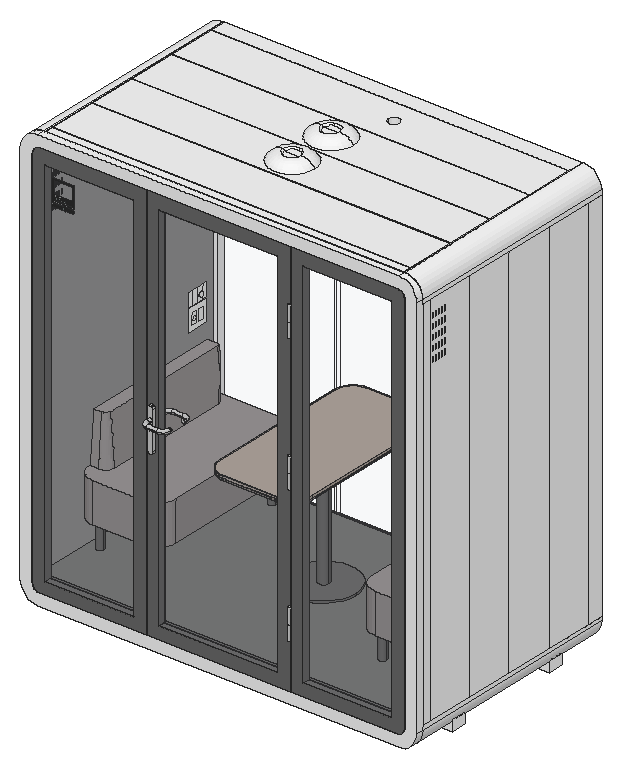
Revit family "MOTTO ML - white", category Entorno, Revit 2023 (continued)
Definition of nested family "Motto ML"
  Forms (mm)
    Extrusion 51, void
      sketch origin (0, 562.847, 0) x (-1, 0, 0) y (0, -1, 0)
        loop
          arc (-598.246, 579.134) -> (-605.746, 571.634) -> (-598.246, 564.134) r 7.5
          line (-598.246, 564.134) -> (-573.246, 564.134)
          arc (-573.246, 564.134) -> (-565.746, 571.634) -> (-573.246, 579.134) r 7.5
        loop
          line (-628.246, 499.134) -> (-653.246, 499.134)
          arc (-653.246, 499.134) -> (-660.746, 491.634) -> (-653.246, 484.134) r 7.5
          line (-653.246, 484.134) -> (-628.246, 484.134)
          arc (-628.246, 484.134) -> (-620.746, 491.634) -> (-628.246, 499.134) r 7.5
        loop
          line (-628.246, 519.134) -> (-653.246, 519.134)
          arc (-653.246, 519.134) -> (-660.746, 511.634) -> (-653.246, 504.134) r 7.5
          line (-653.246, 504.134) -> (-628.246, 504.134)
          arc (-628.246, 504.134) -> (-620.746, 511.634) -> (-628.246, 519.134) r 7.5
        loop
          line (-628.246, 539.134) -> (-653.246, 539.134)
          arc (-653.246, 539.134) -> (-660.746, 531.634) -> (-653.246, 524.134) r 7.5
          line (-653.246, 524.134) -> (-628.246, 524.134)
          arc (-628.246, 524.134) -> (-620.746, 531.634) -> (-628.246, 539.134) r 7.5
        loop
          line (-628.246, 559.134) -> (-653.246, 559.134)
          arc (-653.246, 559.134) -> (-660.746, 551.634) -> (-653.246, 544.134) r 7.5
          line (-653.246, 544.134) -> (-628.246, 544.134)
          arc (-628.246, 544.134) -> (-620.746, 551.634) -> (-628.246, 559.134) r 7.5
        loop
          line (-628.246, 579.134) -> (-653.246, 579.134)
          arc (-653.246, 579.134) -> (-660.746, 571.634) -> (-653.246, 564.134) r 7.5
          line (-653.246, 564.134) -> (-628.246, 564.134)
          arc (-628.246, 564.134) -> (-620.746, 571.634) -> (-628.246, 579.134) r 7.5
      from 2163.345 to 2319.018
    Extrusion 52, void
      sketch origin (2041.572, 292.4, -12.428) x (1, 0, 0) y (0, 0, 1)
        loop
          arc (-2403.75, 1126.252) -> (-2408.25, 1141.963) -> (-2412.75, 1126.252) r 8.5
          line (-2412.75, 1126.252) -> (-2412.75, 1113.463)
          arc (-2412.75, 1113.463) -> (-2408.25, 1108.963) -> (-2403.75, 1113.463) r 4.5
          line (-2403.75, 1113.463) -> (-2403.75, 1126.252)
        loop
          arc (-2401.308, 1134.409) -> (-2415.256, 1133.49) -> (-2401.316, 1132.462) r 7.006
          line (-2401.316, 1132.462) -> (-2408.25, 1132.462) -> (-2408.25, 1134.409) -> (-2401.308, 1134.409)
      from 801.439 to 811.141
    Extrusion 53, solid, visible <- "Cloud White (calc)"
      sketch origin (1389, -36.7, 43.15) x (1, 0, 0) y (0, 1, 0)
        loop
          line (-394, -374.155) -> (-2384, -374.155) -> (-2384, -423.9) -> (-394, -423.9) -> (-394, -374.155)
      from 2235 to 2300
    Extrusion 54, solid, visible <- "Cloud White (calc)"
      sketch origin (1389, 23.673, 43.15) x (1, 0, 0) y (0, 1, 0)
        loop
          line (-394, 116.455) -> (-2384, 116.455) -> (-2384, -159.1) -> (-394, -159.1) -> (-394, 116.455)
      from 2235 to 2300
    Extrusion 55, solid, visible <- "Cloud White (calc)"
      sketch origin (1389, 299.227, 43.15) x (1, 0, 0) y (0, 1, 0)
        loop
          line (-394, 116.455) -> (-2384, 116.455) -> (-2384, -159.1) -> (-394, -159.1) -> (-394, 116.455)
      from 2235 to 2300
    Extrusion 56, solid, visible <- "Cloud White (calc)"
      sketch origin (1389, 574.782, 43.15) x (1, 0, 0) y (0, 1, 0)
        loop
          line (-394, 116.455) -> (-2384, 116.455) -> (-2384, -159.1) -> (-394, -159.1) -> (-394, 116.455)
      from 2235 to 2300
    Extrusion 57, solid, visible <- "Cloud White (calc)"
      sketch origin (-1534, -720.471, 0) x (-1, 0, 0) y (0, -1, 0)
        loop
          line (-501, -860.217) -> (-434, -860.217) -> (-434, -585.044) -> (-501, -585.044) -> (-501, -860.217)
      from 122.408 to 2220.742
    Extrusion 58, solid, visible <- "Cloud White (calc)"
      sketch origin (-1534, -445.299, 0) x (-1, 0, 0) y (0, -1, 0)
        loop
          line (-501, -860.217) -> (-434, -860.217) -> (-434, -585.044) -> (-501, -585.044) -> (-501, -860.217)
      from 122.408 to 2220.742
    Extrusion 59, solid, visible <- "Cloud White (calc)"
      sketch origin (-1534, -170.126, 0) x (-1, 0, 0) y (0, -1, 0)
        loop
          line (-501, -861.363) -> (-434, -861.363) -> (-434, -585.044) -> (-501, -585.044) -> (-501, -861.363)
      from 122.408 to 2220.742
    Extrusion 60, solid, visible <- "Cloud White (calc)"
      sketch origin (1534, -720.471, 0) x (1, 0, 0) y (0, 1, 0)
        loop
          line (-501, 860.217) -> (-501, 585.044) -> (-434, 585.044) -> (-434, 860.217) -> (-501, 860.217)
      from 122.408 to 2220.742
    Extrusion 61, solid, visible <- "Cloud White (calc)"
      sketch origin (1534, -445.299, 0) x (1, 0, 0) y (0, 1, 0)
        loop
          line (-501, 860.217) -> (-501, 585.044) -> (-434, 585.044) -> (-434, 860.217) -> (-501, 860.217)
      from 122.408 to 2220.742
    Extrusion 62, solid, visible <- "Cloud White (calc)"
      sketch origin (1534, -170.126, 0) x (1, 0, 0) y (0, 1, 0)
        loop
          line (-501, 861.363) -> (-501, 585.044) -> (-434, 585.044) -> (-434, 861.363) -> (-501, 861.363)
      from 122.408 to 2220.742
    Extrusion 63, solid
      sketch origin (2798.55, 455.495, 145.853) x (1, 0, 0) y (0, 1, 0)
        loop
          arc (-2154.55, 275.105) -> (-2225.261, 245.816) -> (-2254.55, 175.105) r 100
          line (-2254.55, 175.105) -> (-2254.55, -570.095)
          arc (-2254.55, -570.095) -> (-2225.261, -640.806) -> (-2154.55, -670.095) r 100
          line (-2154.55, -670.095) -> (-1874.55, -670.095)
          arc (-1874.55, -670.095) -> (-1803.84, -640.806) -> (-1774.55, -570.095) r 100
          line (-1774.55, -570.095) -> (-1774.55, 275.105) -> (-2154.55, 275.105)
      from 157.492 to 377.492
    Extrusion 64, solid
      sketch origin (0, 0, 61.685) x (-1, 0, 0) y (0, -1, 0)
        loop
          arc (-924, 64.6) -> (-938.645, 99.955) -> (-974, 114.6) r 50
          line (-974, 114.6) -> (-1024, 114.6) -> (-1024, -695.733) -> (-974, -695.733)
          arc (-974, -695.733) -> (-938.645, -681.089) -> (-924, -645.733) r 50
          line (-924, -645.733) -> (-924, 64.6)
      from 461.66 to 731.66
    Sweep 65, void
      path origin (0, -25, 523.345) x (-1, 0, 0) y (0, -1, 0)
        loop
          line (-1024, 89.6) -> (-974, 89.6)
          arc (-974, 89.6) -> (-938.645, 74.955) -> (-924, 39.6) r 50
          line (-924, 39.6) -> (-924, -705.6)
          arc (-924, -705.6) -> (-938.645, -740.955) -> (-974, -755.6) r 50
          line (-974, -755.6) -> (-1024, -755.6)
      profile origin (938.645, -99.955, 523.345) x (-0.707107, -0.707107, 0) y (0, 0, 1)
        loop
          line (0, 0) -> (30.086, 0) -> (5.086, 270) -> (-25, 270) -> (0, 0)
    Extrusion 66, void
      sketch origin (-72.741, 867.299, 0) x (1, 0, 0) y (0, 1, 0)
        loop
          circle (203.151, -313.11) r 31.75
      from 2206.495 to 2434.9
    Extrusion 67, solid
      sketch origin (-1036.883, 5381.492, 2210.804) x (0, 1, 0) y (1, 0, 0.000001)
        loop
          circle (-5694.602, 814.663) r 21
        loop
          circle (-5694.602, 814.663) r 19
      from 0 to 5.054
    Revolve 68, solid
      sketch origin (-222.22, -1447.686, 1644.968) x (0, -1, 0) y (0.000001, 0, -1)
        loop
          arc (-1115.576, -565.837) -> (-1121.141, -552.402) -> (-1134.576, -546.837) r 19
          line (-1134.576, -546.837) -> (-1134.576, -565.837) -> (-1115.576, -565.837)
        axis (-1134.576, -546.837) -> (-1134.576, -565.837)
      angle from 0 to 360
    Extrusion 69, solid, visible <- "Cloud White (calc)"
      sketch origin (1389, -251.882, -2233.987) x (1, 0, 0) y (0, 1, 0)
        loop
          line (-394, 116.455) -> (-2384, 116.455) -> (-2384, -159.1) -> (-394, -159.1) -> (-394, 116.455)
      from 2235 to 2300
    Extrusion 70, solid, visible <- "Cloud White (calc)"
      sketch origin (1389, 1154.755, -2233.987) x (1, 0, 0) y (0, 1, 0)
        loop
          line (-394, -374.155) -> (-2384, -374.155) -> (-2384, -463.9) -> (-394, -463.9) -> (-394, -374.155)
      from 2235 to 2300
    Extrusion 71, solid, visible <- "Cloud White (calc)"
      sketch origin (1389, -36.7, -2233.987) x (1, 0, 0) y (0, 1, 0)
        loop
          line (-394, -374.155) -> (-2384, -374.155) -> (-2384, -423.9) -> (-394, -423.9) -> (-394, -374.155)
      from 2235 to 2300
    Extrusion 72, solid, visible <- "Cloud White (calc)"
      sketch origin (1389, 23.673, -2233.987) x (1, 0, 0) y (0, 1, 0)
        loop
          line (-394, 116.455) -> (-2384, 116.455) -> (-2384, -159.1) -> (-394, -159.1) -> (-394, 116.455)
      from 2235 to 2300
    Extrusion 73, solid, visible <- "Cloud White (calc)"
      sketch origin (1389, 299.227, -2233.987) x (1, 0, 0) y (0, 1, 0)
        loop
          line (-394, 116.455) -> (-2384, 116.455) -> (-2384, -159.1) -> (-394, -159.1) -> (-394, 116.455)
      from 2235 to 2300
    Extrusion 74, solid, visible <- "Cloud White (calc)"
      sketch origin (1389, 574.782, -2233.987) x (1, 0, 0) y (0, 1, 0)
        loop
          line (-394, 116.455) -> (-2384, 116.455) -> (-2384, -159.1) -> (-394, -159.1) -> (-394, 116.455)
      from 2235 to 2300
    Extrusion 75, solid
      sketch origin (-1024, 6373.883, 229.771) x (0, 1, 0) y (0, 0, 1)
        loop
          line (-5807.602, 851.663) -> (-5807.602, 777.663) -> (-5787.602, 777.663) -> (-5787.602, 851.663) -> (-5807.602, 851.663)
        loop
          line (-5687.602, 777.663) -> (-5687.602, 851.663) -> (-5707.602, 851.663) -> (-5707.602, 777.663) -> (-5687.602, 777.663)
        loop
          circle (-5730.227, 814.038) r 10
        loop
          circle (-5730.227, 814.038) r 11
        loop
          arc (-5744.987, 814.038) -> (-5744.487, 813.538) -> (-5743.987, 814.038) r 0.5
          arc (-5743.987, 814.038) -> (-5730.227, 827.798) -> (-5716.466, 814.038) r 13.76
          arc (-5716.466, 814.038) -> (-5715.966, 813.538) -> (-5715.466, 814.038) r 0.5
          arc (-5715.466, 814.038) -> (-5730.227, 828.798) -> (-5744.987, 814.038) r 14.76
        loop
          line (-5785.602, 777.663) -> (-5748.602, 777.663) -> (-5748.602, 851.663) -> (-5785.602, 851.663) -> (-5785.602, 777.663)
        loop
          line (-5709.602, 851.663) -> (-5746.602, 851.663) -> (-5746.602, 777.663) -> (-5709.602, 777.663) -> (-5709.602, 851.663)
      from 0 to 5.054
    Extrusion 76, solid
      sketch origin (-1018.946, 6368.258, 229.146) x (0, 1, 0) y (0, 0, 1)
        loop
          circle (-5724.602, 814.663) r 10
      from 0 to 9.946
    Extrusion 77, solid
      sketch origin (-1024, 6461.55, -48.156) x (0, 1, 0) y (0, 0, 1)
        loop
          line (-5893.061, 931.122) -> (-5777.061, 931.122) -> (-5777.061, 1047.122) -> (-5893.061, 1047.122) -> (-5893.061, 931.122)
        loop
          line (-5873.061, 1021.122) -> (-5873.061, 957.122) -> (-5841.061, 957.122) -> (-5841.061, 1021.122) -> (-5873.061, 1021.122)
        loop
          line (-5829.061, 1021.122) -> (-5829.061, 957.122) -> (-5797.061, 957.122) -> (-5797.061, 1021.122) -> (-5829.061, 1021.122)
        loop
          line (-5871.061, 1019.122) -> (-5871.061, 959.122) -> (-5843.061, 959.122) -> (-5843.061, 1019.122) -> (-5871.061, 1019.122)
        loop
          line (-5827.061, 959.122) -> (-5799.061, 959.122) -> (-5799.061, 1019.122) -> (-5827.061, 1019.122) -> (-5827.061, 959.122)
        loop
          line (-5820.601, 1013.319) -> (-5820.601, 1006.319) -> (-5818.428, 1006.319) -> (-5818.428, 1013.319) -> (-5820.601, 1013.319)
        loop
          line (-5808.216, 1014.319) -> (-5808.216, 1005.319) -> (-5806.043, 1005.319) -> (-5806.043, 1014.319) -> (-5808.216, 1014.319)
        loop
          line (-5815.822, 998.679) -> (-5810.822, 998.679) -> (-5810.822, 1000.975)
          arc (-5810.822, 1000.975) -> (-5813.322, 1003.475) -> (-5815.822, 1000.975) r 2.5
          line (-5815.822, 1000.975) -> (-5815.822, 998.679)
        loop
          line (-5806.668, 994.472) -> (-5806.668, 982.472) -> (-5801.668, 982.472) -> (-5801.668, 994.472) -> (-5806.668, 994.472)
        loop
          line (-5820.601, 975.522) -> (-5820.601, 968.522) -> (-5818.428, 968.522) -> (-5818.428, 975.522) -> (-5820.601, 975.522)
        loop
          line (-5808.216, 976.522) -> (-5808.216, 967.522) -> (-5806.043, 967.522) -> (-5806.043, 976.522) -> (-5808.216, 976.522)
        loop
          line (-5815.822, 960.882) -> (-5810.822, 960.882) -> (-5810.822, 963.178)
          arc (-5810.822, 963.178) -> (-5813.322, 965.678) -> (-5815.822, 963.178) r 2.5
          line (-5815.822, 963.178) -> (-5815.822, 960.882)
        loop
          line (-5824.976, 994.472) -> (-5824.976, 982.472) -> (-5819.976, 982.472) -> (-5819.976, 994.472) -> (-5824.976, 994.472)
        loop
          arc (-5814.388, 985.781) -> (-5813.302, 984.694) -> (-5812.215, 985.781) r 1.087
          line (-5812.215, 985.781) -> (-5812.215, 990.548)
          arc (-5812.215, 990.548) -> (-5813.302, 991.635) -> (-5814.388, 990.548) r 1.087
          line (-5814.388, 990.548) -> (-5814.388, 985.781)
        loop
          circle (-5857.061, 989.122) r 11.249
        loop
          circle (-5857.061, 989.122) r 10
      from 0 to 5.054
    Extrusion 78, solid, visible <- "Cloud White (calc)"
      sketch origin (-1105.054, 6345.817, -597.673) x (0, 1, 0) y (0, 0, 1)
        loop
          line (-5754.033, 820.256) -> (-5754.033, 795.602)
          arc (-5754.033, 795.602) -> (-5753.288, 793.239) -> (-5751.323, 791.731) r 4.119
          line (-5751.323, 791.731) -> (-5729.24, 783.694)
          arc (-5729.24, 783.694) -> (-5723.425, 782.668) -> (-5717.611, 783.694) r 17
          line (-5717.611, 783.694) -> (-5695.528, 791.731)
          arc (-5695.528, 791.731) -> (-5693.562, 793.239) -> (-5692.817, 795.602) r 4.119
          line (-5692.817, 795.602) -> (-5692.817, 820.256)
          arc (-5692.817, 820.256) -> (-5693.455, 822.279) -> (-5695.138, 823.571) r 3.528
          line (-5695.138, 823.571) -> (-5717.606, 831.748)
          arc (-5717.606, 831.748) -> (-5723.425, 832.774) -> (-5729.245, 831.748) r 17.015
          line (-5729.245, 831.748) -> (-5751.712, 823.571)
          arc (-5751.712, 823.571) -> (-5753.395, 822.279) -> (-5754.033, 820.256) r 3.528
        loop
          line (-5712.991, 811.298) -> (-5712.991, 809.409) -> (-5707.991, 809.409) -> (-5707.991, 811.298) -> (-5712.991, 811.298)
        loop
          line (-5708.569, 807.613) -> (-5708.569, 805.816) -> (-5704.285, 805.816) -> (-5704.285, 807.613) -> (-5708.569, 807.613)
        loop
          line (-5712.991, 802.131) -> (-5707.991, 802.131) -> (-5707.991, 804.02) -> (-5712.991, 804.02) -> (-5712.991, 802.131)
        loop
          arc (-5717.6, 796.371) -> (-5716.964, 794.835) -> (-5715.427, 794.198) r 2.173
          line (-5715.427, 794.198) -> (-5705.647, 794.198) -> (-5700.116, 799.73) -> (-5700.116, 814.168) -> (-5705.647, 819.7) -> (-5715.427, 819.7)
          arc (-5715.427, 819.7) -> (-5716.964, 819.063) -> (-5717.6, 817.527) r 2.173
          line (-5717.6, 817.527) -> (-5717.6, 796.371)
        loop
          line (-5744.165, 819.7) -> (-5744.165, 794.198) -> (-5734.783, 794.198) -> (-5734.783, 819.7) -> (-5744.165, 819.7)
        loop
          line (-5743.165, 795.198) -> (-5735.783, 795.198) -> (-5735.783, 818.7) -> (-5743.165, 818.7) -> (-5743.165, 795.198)
        loop
          line (-5749.571, 792.573) -> (-5697.093, 792.573)
          arc (-5697.093, 792.573) -> (-5695.679, 793.159) -> (-5695.093, 794.573) r 2
          line (-5695.093, 794.573) -> (-5695.093, 820.015)
          arc (-5695.093, 820.015) -> (-5695.679, 821.43) -> (-5697.093, 822.015) r 2
          line (-5697.093, 822.015) -> (-5749.571, 822.015)
          arc (-5749.571, 822.015) -> (-5750.986, 821.43) -> (-5751.571, 820.015) r 2
          line (-5751.571, 820.015) -> (-5751.571, 794.573)
          arc (-5751.571, 794.573) -> (-5750.986, 793.159) -> (-5749.571, 792.573) r 2
        loop
          line (-5697.093, 821.015) -> (-5749.571, 821.015)
          arc (-5749.571, 821.015) -> (-5750.278, 820.722) -> (-5750.571, 820.015) r 1
          line (-5750.571, 820.015) -> (-5750.571, 794.573)
          arc (-5750.571, 794.573) -> (-5750.278, 793.866) -> (-5749.571, 793.573) r 1
          line (-5749.571, 793.573) -> (-5697.093, 793.573)
          arc (-5697.093, 793.573) -> (-5696.386, 793.866) -> (-5696.093, 794.573) r 1
          line (-5696.093, 794.573) -> (-5696.093, 820.015)
          arc (-5696.093, 820.015) -> (-5696.386, 820.722) -> (-5697.093, 821.015) r 1
        loop
          line (-5701.116, 813.754) -> (-5706.061, 818.7) -> (-5715.427, 818.7)
          arc (-5715.427, 818.7) -> (-5716.256, 818.356) -> (-5716.6, 817.527) r 1.173
          line (-5716.6, 817.527) -> (-5716.6, 796.371)
          arc (-5716.6, 796.371) -> (-5716.256, 795.542) -> (-5715.427, 795.198) r 1.173
          line (-5715.427, 795.198) -> (-5706.061, 795.198) -> (-5701.116, 800.144) -> (-5701.116, 813.754)
      from 0 to 5.054
    Extrusion 79, solid, visible <- "Cloud White (calc)"
      sketch origin (-1105.054, 6345.18, -549.364) x (0, 1, 0) y (0, 0, 1)
        loop
          arc (-5733.035, 821.247) -> (-5735.839, 820.086) -> (-5737, 817.282) r 3.965
          line (-5737, 817.282) -> (-5737, 791.497)
          arc (-5737, 791.497) -> (-5735.828, 788.669) -> (-5733, 787.497) r 4
          line (-5733, 787.497) -> (-5713, 787.497)
          arc (-5713, 787.497) -> (-5710.172, 788.669) -> (-5709, 791.497) r 4
          line (-5709, 791.497) -> (-5709, 817.247)
          arc (-5709, 817.247) -> (-5710.172, 820.076) -> (-5713, 821.247) r 4
          line (-5713, 821.247) -> (-5733.035, 821.247)
        loop
          circle (-5723.018, 804.39) r 11.85
        loop
          circle (-5723.018, 804.39) r 10.85
        loop
          line (-5719.938, 811.247) -> (-5726.097, 811.247) -> (-5726.097, 809.779) -> (-5728.218, 809.779) -> (-5728.218, 807.316) -> (-5730.954, 807.316) -> (-5730.954, 798.218) -> (-5715.081, 798.218) -> (-5715.081, 807.316) -> (-5717.817, 807.316) -> (-5717.817, 809.779) -> (-5719.938, 809.779) -> (-5719.938, 811.247)
        loop
          line (-5730.454, 798.718) -> (-5715.581, 798.718) -> (-5715.581, 806.816) -> (-5718.317, 806.816) -> (-5718.317, 809.279) -> (-5720.438, 809.279) -> (-5720.438, 810.747) -> (-5725.597, 810.747) -> (-5725.597, 809.279) -> (-5727.718, 809.279) -> (-5727.718, 806.816) -> (-5730.454, 806.816) -> (-5730.454, 798.718)
      from 0 to 5.054
    Extrusion 80, solid
      sketch origin (-835, -500.6, 0) x (1, 0, 0) y (0, 0, 1)
        loop
          line (-3.402, 2028.937) -> (-9.633, 2032.534) -> (-12.737, 2030.741) -> (-12.737, 2034.326) -> (-16.005, 2036.212) -> (-16.005, 2021.764) -> (-9.659, 2018.1) -> (-3.402, 2021.767) -> (-3.402, 2028.937)
        loop
          line (-12.581, 2019.97) -> (-6.325, 2023.636) -> (-6.325, 2030.374) -> (-12.581, 2027.191) -> (-12.581, 2019.97)
        loop
          line (3.496, 2029.305) -> (3.496, 2021.779) -> (6.55, 2021.779)
          spline (6.55, 2021.779) -> (7.21, 2022.076) -> (7.568, 2022.441) -> (7.786, 2022.787) -> (7.929, 2023.103) -> (8.009, 2023.418) -> (8.035, 2023.75) -> (8.023, 2024.097) -> (7.983, 2024.454) -> (7.892, 2024.813) -> (7.713, 2025.165) -> (7.376, 2025.5) -> (6.757, 2025.809)
          spline (6.757, 2025.809) -> (7.193, 2026.058) -> (7.454, 2026.301) -> (7.614, 2026.549) -> (7.736, 2026.812) -> (7.827, 2027.098) -> (7.874, 2027.414) -> (7.866, 2027.766) -> (7.789, 2028.161) -> (7.631, 2028.571) -> (7.38, 2028.939) -> (7.024, 2029.204) -> (6.55, 2029.305)
          line (6.55, 2029.305) -> (3.496, 2029.305)
        loop
          line (5.149, 2028.107) -> (5.149, 2026.25)
          spline (5.149, 2026.25) -> (5.75, 2026.258) -> (6.08, 2026.313) -> (6.27, 2026.434) -> (6.384, 2026.597) -> (6.445, 2026.798) -> (6.465, 2027.037) -> (6.45, 2027.302) -> (6.4, 2027.575) -> (6.281, 2027.818) -> (6.054, 2027.989) -> (5.685, 2028.077) -> (5.149, 2028.107)
        loop
          line (5.149, 2025.056) -> (5.149, 2023.203)
          spline (5.149, 2023.203) -> (5.75, 2023.211) -> (6.08, 2023.267) -> (6.27, 2023.387) -> (6.384, 2023.55) -> (6.445, 2023.751) -> (6.465, 2023.99) -> (6.45, 2024.255) -> (6.4, 2024.529) -> (6.281, 2024.772) -> (6.054, 2024.942) -> (5.685, 2025.031) -> (5.149, 2025.056)
        loop
          line (8.845, 2029.305) -> (8.845, 2023.685)
          spline (8.845, 2023.685) -> (8.988, 2023.094) -> (9.331, 2022.588) -> (9.748, 2022.215) -> (10.167, 2021.993) -> (10.59, 2021.894) -> (11.026, 2021.884) -> (11.481, 2021.941) -> (11.943, 2022.071) -> (12.393, 2022.295) -> (12.811, 2022.631) -> (13.129, 2023.091) -> (13.256, 2023.685)
          line (13.256, 2023.685) -> (13.256, 2029.305) -> (11.752, 2029.305) -> (11.752, 2023.685)
          spline (11.752, 2023.685) -> (11.711, 2023.48) -> (11.605, 2023.332) -> (11.464, 2023.229) -> (11.316, 2023.16) -> (11.178, 2023.119) -> (11.046, 2023.104) -> (10.915, 2023.117) -> (10.778, 2023.157) -> (10.631, 2023.226) -> (10.493, 2023.329) -> (10.389, 2023.479) -> (10.348, 2023.685)
          line (10.348, 2023.685) -> (10.348, 2029.305) -> (8.845, 2029.305)
        loop
          line (14.274, 2029.305) -> (14.274, 2021.779) -> (15.692, 2021.779) -> (15.692, 2024.832)
          spline (15.692, 2024.832) -> (16.291, 2024.8) -> (16.584, 2024.706) -> (16.742, 2024.55) -> (16.825, 2024.327) -> (16.877, 2024.034) -> (16.915, 2023.692) -> (16.94, 2023.339) -> (16.956, 2023.011) -> (16.982, 2022.718) -> (17.046, 2022.455) -> (17.202, 2022.189) -> (17.578, 2021.779)
          line (17.578, 2021.779) -> (19.121, 2021.779)
          spline (19.121, 2021.779) -> (18.761, 2022.25) -> (18.573, 2022.594) -> (18.485, 2022.883) -> (18.433, 2023.182) -> (18.396, 2023.495) -> (18.373, 2023.81) -> (18.359, 2024.113) -> (18.339, 2024.402) -> (18.291, 2024.677) -> (18.192, 2024.941) -> (17.99, 2025.194) -> (17.598, 2025.439)
          spline (17.598, 2025.439) -> (18.104, 2025.708) -> (18.412, 2025.952) -> (18.594, 2026.202) -> (18.715, 2026.488) -> (18.791, 2026.818) -> (18.816, 2027.191) -> (18.782, 2027.605) -> (18.684, 2028.057) -> (18.508, 2028.515) -> (18.235, 2028.916) -> (17.848, 2029.201) -> (17.328, 2029.305)
          line (17.328, 2029.305) -> (14.274, 2029.305)
        loop
          line (15.692, 2028.193) -> (15.692, 2025.983)
          spline (15.692, 2025.983) -> (16.409, 2025.993) -> (16.802, 2026.059) -> (17.029, 2026.203) -> (17.165, 2026.397) -> (17.239, 2026.637) -> (17.262, 2026.922) -> (17.244, 2027.239) -> (17.184, 2027.565) -> (17.043, 2027.854) -> (16.771, 2028.058) -> (16.331, 2028.164) -> (15.692, 2028.193)
        loop
          line (19.763, 2029.305) -> (19.763, 2021.779) -> (23.34, 2021.779) -> (23.34, 2022.89) -> (21.304, 2022.89) -> (21.304, 2025.118) -> (22.932, 2025.118) -> (22.932, 2026.382) -> (21.304, 2026.382) -> (21.304, 2028.193) -> (23.34, 2028.193) -> (23.34, 2029.305) -> (19.763, 2029.305)
        loop
          line (23.935, 2021.779) -> (25.268, 2021.779) -> (25.626, 2023.621) -> (27.207, 2023.621) -> (27.565, 2021.779) -> (28.897, 2021.779) -> (27.434, 2029.305) -> (25.398, 2029.305) -> (23.935, 2021.779)
        loop
          line (26.416, 2027.687) -> (25.854, 2024.794) -> (26.978, 2024.794) -> (26.416, 2027.687)
        loop
          line (29.62, 2029.305) -> (29.62, 2023.685)
          spline (29.62, 2023.685) -> (29.763, 2023.094) -> (30.107, 2022.588) -> (30.524, 2022.215) -> (30.943, 2021.993) -> (31.366, 2021.894) -> (31.802, 2021.884) -> (32.257, 2021.941) -> (32.719, 2022.071) -> (33.169, 2022.295) -> (33.587, 2022.631) -> (33.905, 2023.091) -> (34.032, 2023.685)
          line (34.032, 2023.685) -> (34.032, 2029.305) -> (32.528, 2029.305) -> (32.528, 2023.685)
          spline (32.528, 2023.685) -> (32.487, 2023.48) -> (32.381, 2023.332) -> (32.24, 2023.229) -> (32.092, 2023.16) -> (31.954, 2023.119) -> (31.822, 2023.104) -> (31.69, 2023.117) -> (31.554, 2023.157) -> (31.407, 2023.226) -> (31.269, 2023.329) -> (31.165, 2023.479) -> (31.124, 2023.685)
          line (31.124, 2023.685) -> (31.124, 2029.305) -> (29.62, 2029.305)
        loop
          line (-79, 2156.495) -> (-79, 2042.865) -> (34.032, 2042.865) -> (34.032, 2156.495) -> (-79, 2156.495)
        loop
          line (-76.544, 2154.02) -> (-76.544, 2045.565) -> (31.373, 2045.565) -> (31.373, 2154.02) -> (-76.544, 2154.02)
        loop
          line (-57.836, 2055.415) -> (-49.935, 2055.415) -> (-51.265, 2056.745) -> (-51.265, 2075.138) -> (-49.781, 2075.934) -> (-56.239, 2075.934) -> (-61.693, 2060.949) -> (-67.147, 2075.934) -> (-73.35, 2075.934) -> (-71.493, 2074.076) -> (-71.493, 2056.745) -> (-72.823, 2055.415) -> (-69.039, 2055.415) -> (-70.37, 2056.745) -> (-70.37, 2073.073) -> (-63.943, 2055.415) -> (-62.436, 2055.415) -> (-56.505, 2071.71) -> (-56.505, 2056.745) -> (-57.836, 2055.415)
        loop
          arc (-45.914, 2074.054) -> (-49.327, 2065.792) -> (-45.914, 2057.529) r 11.707
          arc (-45.914, 2057.529) -> (-39.715, 2054.955) -> (-33.516, 2057.529) r 8.75
          arc (-33.516, 2057.529) -> (-30.103, 2065.792) -> (-33.516, 2074.054) r 11.707
          arc (-33.516, 2074.054) -> (-39.715, 2076.629) -> (-45.914, 2074.054) r 8.75
        loop
          arc (-35.465, 2072.268) -> (-39.715, 2075.674) -> (-43.965, 2072.268) r 4.354
          arc (-43.965, 2072.268) -> (-44.675, 2065.819) -> (-43.965, 2059.37) r 29.62
          arc (-43.965, 2059.37) -> (-39.715, 2055.964) -> (-35.465, 2059.37) r 4.354
          arc (-35.465, 2059.37) -> (-34.754, 2065.819) -> (-35.465, 2072.268) r 29.62
        loop
          line (-29.556, 2075.991) -> (-29.556, 2070.483) -> (-26.868, 2075.138) -> (-22.563, 2075.138) -> (-22.563, 2056.745) -> (-24.868, 2055.415) -> (-15.513, 2055.415) -> (-17.818, 2056.745) -> (-17.818, 2075.138) -> (-14.072, 2075.138) -> (-11.385, 2070.483) -> (-11.385, 2075.991) -> (-29.556, 2075.991)
        loop
          arc (11.762, 2074.054) -> (8.349, 2065.792) -> (11.762, 2057.529) r 11.707
          arc (11.762, 2057.529) -> (17.961, 2054.955) -> (24.16, 2057.529) r 8.75
          arc (24.16, 2057.529) -> (27.573, 2065.792) -> (24.16, 2074.054) r 11.707
          arc (24.16, 2074.054) -> (17.961, 2076.629) -> (11.762, 2074.054) r 8.75
        loop
          arc (22.211, 2072.268) -> (17.961, 2075.674) -> (13.711, 2072.268) r 4.354
          arc (13.711, 2072.268) -> (13, 2065.819) -> (13.711, 2059.37) r 29.62
          arc (13.711, 2059.37) -> (17.961, 2055.964) -> (22.211, 2059.37) r 4.354
          arc (22.211, 2059.37) -> (22.921, 2065.819) -> (22.211, 2072.268) r 29.62
        loop
          line (-10.257, 2075.991) -> (-10.257, 2070.483) -> (-7.569, 2075.138) -> (-3.264, 2075.138) -> (-3.264, 2056.745) -> (-5.568, 2055.415) -> (3.786, 2055.415) -> (1.482, 2056.745) -> (1.482, 2075.138) -> (5.227, 2075.138) -> (7.915, 2070.483) -> (7.915, 2075.991) -> (-10.257, 2075.991)
        loop
          line (-79.009, 2027.272) -> (-79.009, 2018.686) -> (-77.744, 2018.686) -> (-77.744, 2020.941)
          arc (-77.744, 2020.941) -> (-74.903, 2020.775) -> (-73.433, 2023.212) r 2.754
          line (-73.433, 2023.212) -> (-73.433, 2024.115)
          arc (-73.433, 2024.115) -> (-74.903, 2026.551) -> (-77.744, 2026.386) r 2.754
          line (-77.744, 2026.386) -> (-77.744, 2027.272) -> (-79.009, 2027.272)
        loop
          line (-67.166, 2026.889) -> (-65.203, 2020.848) -> (-64.071, 2020.848) -> (-63.004, 2024.832) -> (-61.709, 2020.848) -> (-60.573, 2020.848) -> (-58.954, 2026.889) -> (-60.135, 2026.889) -> (-61.341, 2023.178) -> (-62.335, 2026.889) -> (-63.672, 2026.889) -> (-64.666, 2023.178) -> (-65.872, 2026.889) -> (-67.166, 2026.889)
        loop
          line (-71.547, 2024.332) -> (-71.547, 2023.43)
          arc (-71.547, 2023.43) -> (-69.879, 2021.761) -> (-68.21, 2023.43) r 1.669
          line (-68.21, 2023.43) -> (-68.21, 2024.332)
          arc (-68.21, 2024.332) -> (-69.879, 2026.001) -> (-71.547, 2024.332) r 1.669
        loop
          line (-72.624, 2024.332) -> (-72.624, 2023.43)
          arc (-72.624, 2023.43) -> (-69.87, 2020.675) -> (-67.116, 2023.43) r 2.754
          line (-67.116, 2023.43) -> (-67.116, 2024.332)
          arc (-67.116, 2024.332) -> (-69.87, 2027.086) -> (-72.624, 2024.332) r 2.754
        loop
          line (-77.864, 2024.115) -> (-77.864, 2023.212)
          arc (-77.864, 2023.212) -> (-76.195, 2021.543) -> (-74.527, 2023.212) r 1.669
          line (-74.527, 2023.212) -> (-74.527, 2024.115)
          arc (-74.527, 2024.115) -> (-76.195, 2025.783) -> (-77.864, 2024.115) r 1.669
        loop
          line (-33.912, 2020.448) -> (-32.647, 2020.448) -> (-32.647, 2021.334)
          arc (-32.647, 2021.334) -> (-29.806, 2021.169) -> (-28.335, 2023.606) r 2.754
          line (-28.335, 2023.606) -> (-28.335, 2024.508)
          arc (-28.335, 2024.508) -> (-29.806, 2026.945) -> (-32.647, 2026.779) r 2.754
          line (-32.647, 2026.779) -> (-32.647, 2029.034) -> (-33.912, 2029.034) -> (-33.912, 2020.448)
        loop
          arc (-32.767, 2023.606) -> (-31.098, 2021.937) -> (-29.429, 2023.606) r 1.669
          line (-29.429, 2023.606) -> (-29.429, 2024.508)
          arc (-29.429, 2024.508) -> (-31.098, 2026.177) -> (-32.767, 2024.508) r 1.669
          line (-32.767, 2024.508) -> (-32.767, 2023.606)
        loop
          line (-37.443, 2020.448) -> (-37.443, 2029.034) -> (-38.708, 2029.034) -> (-38.708, 2026.779)
          arc (-38.708, 2026.779) -> (-41.55, 2026.945) -> (-43.02, 2024.508) r 2.754
          line (-43.02, 2024.508) -> (-43.02, 2023.606)
          arc (-43.02, 2023.606) -> (-41.55, 2021.169) -> (-38.708, 2021.334) r 2.754
          line (-38.708, 2021.334) -> (-38.708, 2020.448) -> (-37.443, 2020.448)
        loop
          line (-38.589, 2023.606) -> (-38.589, 2024.508)
          arc (-38.589, 2024.508) -> (-40.257, 2026.177) -> (-41.926, 2024.508) r 1.669
          line (-41.926, 2024.508) -> (-41.926, 2023.606)
          arc (-41.926, 2023.606) -> (-40.257, 2021.937) -> (-38.589, 2023.606) r 1.669
        loop
          line (-57.746, 2024.332) -> (-54.408, 2024.332)
          arc (-54.408, 2024.332) -> (-56.077, 2026.001) -> (-57.746, 2024.332) r 1.669
        loop
          line (-58.823, 2024.332) -> (-58.823, 2023.43)
          arc (-58.823, 2023.43) -> (-56.425, 2020.699) -> (-53.407, 2022.722) r 2.754
          line (-53.407, 2022.722) -> (-54.566, 2022.722)
          arc (-54.566, 2022.722) -> (-56.44, 2021.801) -> (-57.746, 2023.43) r 1.669
          line (-57.746, 2023.43) -> (-53.314, 2023.43) -> (-53.314, 2024.332)
          arc (-53.314, 2024.332) -> (-56.068, 2027.086) -> (-58.823, 2024.332) r 2.754
        loop
          line (-48.21, 2024.332) -> (-44.873, 2024.332)
          arc (-44.873, 2024.332) -> (-46.541, 2026.001) -> (-48.21, 2024.332) r 1.669
        loop
          line (-49.287, 2024.332) -> (-49.287, 2023.43)
          arc (-49.287, 2023.43) -> (-46.889, 2020.699) -> (-43.871, 2022.722) r 2.754
          line (-43.871, 2022.722) -> (-45.03, 2022.722)
          arc (-45.03, 2022.722) -> (-46.904, 2021.801) -> (-48.21, 2023.43) r 1.669
          line (-48.21, 2023.43) -> (-43.779, 2023.43) -> (-43.779, 2024.332)
          arc (-43.779, 2024.332) -> (-46.533, 2027.086) -> (-49.287, 2024.332) r 2.754
        loop
          line (-52.79, 2026.889) -> (-52.79, 2020.995) -> (-51.525, 2020.995) -> (-51.525, 2024.885) -> (-50.307, 2025.738) -> (-49.287, 2025.738) -> (-49.287, 2026.889) -> (-50.259, 2026.889) -> (-51.525, 2026.003) -> (-51.525, 2026.889) -> (-52.79, 2026.889)
        loop
          line (-27.627, 2026.889) -> (-25.642, 2020.779) -> (-25.909, 2019.781) -> (-27.672, 2019.781) -> (-27.672, 2018.769) -> (-25.902, 2018.769)
          arc (-25.902, 2018.769) -> (-25.376, 2018.91) -> (-24.992, 2019.294) r 1.051
          line (-24.992, 2019.294) -> (-22.957, 2026.889) -> (-24.004, 2026.889) -> (-25.154, 2022.598) -> (-26.549, 2026.889) -> (-27.627, 2026.889)
      from 0 to 5
    Revolve 81, solid, visible <- "Domino Black (calc)"
      sketch origin (0, 10.45, 198.5) x (1, 0, 0) y (0, 0, 1)
        loop
          line (-43, 2143.15) -> (-23.534, 2143.15)
          arc (-23.534, 2143.15) -> (-16.641, 2159.791) -> (0, 2166.684) r 23.534
          line (0, 2166.684) -> (0, 2176.15) -> (-43, 2176.15) -> (-50, 2183.15)
          arc (-50, 2183.15) -> (-92.258, 2173.074) -> (-123.75, 2143.15) r 83.579
          line (-123.75, 2143.15) -> (-43, 2143.15)
        axis (0, 2183.15) -> (0, 2143.15)
      angle from 0 to 360
    Extrusion 82, solid, visible <- "Domino Black (calc)"
      sketch origin (0, -7.6, 0) x (1, 0, 0) y (0, 0, 1)
        loop
          arc (-1000, 2343.15) -> (-1070.711, 2313.861) -> (-1100, 2243.15) r 100
          line (-1100, 2243.15) -> (-1100, 100)
          arc (-1100, 100) -> (-1070.711, 29.289) -> (-1000, 0) r 100
          line (-1000, 0) -> (1000, 0)
          arc (1000, 0) -> (1070.711, 29.289) -> (1100, 100) r 100
          line (1100, 100) -> (1100, 2243.15)
          arc (1100, 2243.15) -> (1070.711, 2313.861) -> (1000, 2343.15) r 100
          line (1000, 2343.15) -> (-1000, 2343.15)
        loop
          arc (-994, 2277.15) -> (-1022.284, 2265.434) -> (-1034, 2237.15) r 40
          line (-1034, 2237.15) -> (-1034, 106)
          arc (-1034, 106) -> (-1022.284, 77.716) -> (-994, 66) r 40
          line (-994, 66) -> (994, 66)
          arc (994, 66) -> (1022.284, 77.716) -> (1034, 106) r 40
          line (1034, 106) -> (1034, 2237.15)
          arc (1034, 2237.15) -> (1022.284, 2265.434) -> (994, 2277.15) r 40
          line (994, 2277.15) -> (-994, 2277.15)
      from 453 to 493
    Extrusion 83, solid, visible <- "Domino Black (calc)"
      sketch origin (0, 21.645, 0) x (1, 0, 0) y (0, 0, 1)
        loop
          line (-1090.921, 58.367) -> (-1090.921, -6.709) -> (-963.421, -6.709) -> (-963.421, 0) -> (-1000, 0)
          arc (-1000, 0) -> (-1054.022, 15.847) -> (-1090.921, 58.367) r 100
        loop
          arc (1090.921, 58.367) -> (1054.022, 15.847) -> (1000, 0) r 100
          line (1000, 0) -> (963.421, 0) -> (963.421, -6.709) -> (1090.921, -6.709) -> (1090.921, 58.367)
      from 175.645 to 258.645
    Revolve 84, solid, visible <- "Domino Black (calc)"
      sketch origin (0, 279.7, 198.5) x (1, 0, 0) y (0, 0, -1)
        loop
          line (-43, -2143.15) -> (-123.75, -2143.15)
          arc (-123.75, -2143.15) -> (-92.258, -2173.074) -> (-50, -2183.15) r 83.579
          line (-50, -2183.15) -> (-43, -2176.15) -> (0, -2176.15) -> (0, -2166.684)
          arc (0, -2166.684) -> (-16.641, -2159.791) -> (-23.534, -2143.15) r 23.534
          line (-23.534, -2143.15) -> (-43, -2143.15)
        axis (0, -2183.15) -> (0, -2143.15)
      angle from 0 to 360
    Extrusion 85, solid, visible <- "Domino Black (calc)"
      sketch origin (0, 692.645, 0) x (1, 0, 0) y (0, 0, 1)
        loop
          line (-1090.921, 58.367) -> (-1090.921, -6.709) -> (-963.421, -6.709) -> (-963.421, 0) -> (-1000, 0)
          arc (-1000, 0) -> (-1054.022, 15.847) -> (-1090.921, 58.367) r 100
        loop
          arc (1090.921, 58.367) -> (1054.022, 15.847) -> (1000, 0) r 100
          line (1000, 0) -> (963.421, 0) -> (963.421, -6.709) -> (1090.921, -6.709) -> (1090.921, 58.367)
      from 175.645 to 258.645
    Extrusion 86, solid, visible <- "Domino Black (calc)"
      sketch origin (-1534, -995.644, 0) x (-1, 0, 0) y (0, -1, 0)
        loop
          line (-501, -860.217) -> (-434, -860.217) -> (-434, -585.044) -> (-501, -585.044) -> (-501, -860.217)
      from 122.408 to 2220.742
    Extrusion 87, solid, visible <- "Domino Black (calc)"
      sketch origin (-600, 180, 0) x (1, 0, 0) y (0, 0, 1)
        loop
          line (-395, 2278.15) -> (-395, 2343.15) -> (-400, 2343.15)
          arc (-400, 2343.15) -> (-470.711, 2313.861) -> (-500, 2243.15) r 100
          line (-500, 2243.15) -> (-500, 2220.742) -> (-435, 2220.742) -> (-435, 2238.15)
          arc (-435, 2238.15) -> (-423.284, 2266.434) -> (-395, 2278.15) r 40
        loop
          arc (1595, 2278.15) -> (1623.284, 2266.434) -> (1635, 2238.15) r 40
          line (1635, 2238.15) -> (1635, 2220.742) -> (1700, 2220.742) -> (1700, 2243.15)
          arc (1700, 2243.15) -> (1670.711, 2313.861) -> (1600, 2343.15) r 100
          line (1600, 2343.15) -> (1595, 2343.15) -> (1595, 2278.15)
        loop
          arc (-395, 65) -> (-423.284, 76.716) -> (-435, 105) r 40
          line (-435, 105) -> (-435, 122.408) -> (-500, 122.408) -> (-500, 100)
          arc (-500, 100) -> (-470.711, 29.289) -> (-400, 0) r 100
          line (-400, 0) -> (-395, 0) -> (-395, 65)
        loop
          line (1595, 65) -> (1595, 0) -> (1600, 0)
          arc (1600, 0) -> (1670.711, 29.289) -> (1700, 100) r 100
          line (1700, 100) -> (1700, 122.408) -> (1635, 122.408) -> (1635, 105)
          arc (1635, 105) -> (1623.284, 76.716) -> (1595, 65) r 40
      from -600.6 to 640.6
    Extrusion 88, solid, visible <- "Domino Black (calc)"
      sketch origin (1534, -995.644, 0) x (1, 0, 0) y (0, 1, 0)
        loop
          line (-501, 860.217) -> (-501, 585.044) -> (-434, 585.044) -> (-434, 860.217) -> (-501, 860.217)
      from 122.408 to 2220.742
    Extrusion 89, solid, visible <- "Domino Black (calc)"
      sketch origin (-1534, 418.664, 0) x (-1, 0, 0) y (0, -1, 0)
        loop
          line (-501, -361.936) -> (-434, -361.936) -> (-434, -272.573) -> (-501, -272.573) -> (-501, -361.936)
      from 122.408 to 2220.742
    Extrusion 90, solid, visible <- "Domino Black (calc)"
      sketch origin (-1534, -1276.844, 0) x (-1, 0, 0) y (0, -1, 0)
        loop
          line (-501, -866.244) -> (-434, -866.244) -> (-434, -816.244) -> (-501, -816.244) -> (-501, -866.244)
      from 122.408 to 2220.742
    Extrusion 91, solid, visible <- "Domino Black (calc)"
      sketch origin (1389, -251.882, 43.15) x (1, 0, 0) y (0, 1, 0)
        loop
          line (-394, 116.455) -> (-2384, 116.455) -> (-2384, -159.1) -> (-394, -159.1) -> (-394, 116.455)
      from 2235 to 2300
    Extrusion 92, solid, visible <- "Domino Black (calc)"
      sketch origin (1389, 1154.755, 43.15) x (1, 0, 0) y (0, 1, 0)
        loop
          line (-394, -374.155) -> (-2384, -374.155) -> (-2384, -463.9) -> (-394, -463.9) -> (-394, -374.155)
      from 2235 to 2300
    Extrusion 93, solid, visible <- "Domino Black (calc)"
      sketch origin (1534, 418.664, 0) x (1, 0, 0) y (0, 1, 0)
        loop
          line (-501, 361.936) -> (-501, 272.573) -> (-434, 272.573) -> (-434, 361.936) -> (-501, 361.936)
      from 122.408 to 2220.742
    Extrusion 94, solid, visible <- "Domino Black (calc)"
      sketch origin (1534, -1276.844, 0) x (1, 0, 0) y (0, 1, 0)
        loop
          line (-501, 866.244) -> (-501, 816.244) -> (-434, 816.244) -> (-434, 866.244) -> (-501, 866.244)
      from 122.408 to 2220.742
    Extrusion 95, solid, visible <- "Domino Black (calc)"
      sketch origin (0, -12.4, 0) x (1, 0, 0) y (0, 0, 1)
        loop
          line (995, 2278.15) -> (-995, 2278.15)
          arc (-995, 2278.15) -> (-1023.284, 2266.434) -> (-1035, 2238.15) r 40
          line (-1035, 2238.15) -> (-1035, 105)
          arc (-1035, 105) -> (-1026.269, 80.055) -> (-1003.888, 66) r 40
          line (-1003.888, 66) -> (1003.888, 66)
          arc (1003.888, 66) -> (1026.269, 80.055) -> (1035, 105) r 40
          line (1035, 105) -> (1035, 2238.15)
          arc (1035, 2238.15) -> (1023.284, 2266.434) -> (995, 2278.15) r 40
        loop
          line (995, 2220.742) -> (-995, 2220.742) -> (-995, 122.408) -> (995, 122.408) -> (995, 2220.742)
      from -793 to -753
    Extrusion 96, solid, visible <- "Domino Black (calc)"
      sketch origin (1389, 1154.755, -2233.987) x (0, -1, 0) y (1, 0, 0)
        loop
          line (374.155, -394) -> (374.155, -2384) -> (463.9, -2384) -> (463.9, -394) -> (374.155, -394)
      from 2233.987 to 2300
    Extrusion 97, solid, visible <- "Domino Black (calc)"
      sketch origin (1389, -341.627, -2233.987) x (0, -1, 0) y (1, 0, 0)
        loop
          line (69.355, -394) -> (69.355, -2384) -> (118.973, -2384) -> (118.973, -394) -> (69.355, -394)
      from 2233.987 to 2300
    Extrusion 98, solid, visible <- "Domino Black (calc)"
      sketch origin (1389, -36.7, 43.15) x (1, 0, 0) y (0, 1, 0)
        loop
          line (-394, -374.155) -> (-2384, -374.155) -> (-2384, -423.9) -> (-394, -423.9) -> (-394, -374.155)
      from 2235 to 2300
    Extrusion 99, solid, visible <- "Domino Black (calc)"
      sketch origin (1389, 23.673, 43.15) x (1, 0, 0) y (0, 1, 0)
        loop
          line (-394, 116.455) -> (-2384, 116.455) -> (-2384, -159.1) -> (-394, -159.1) -> (-394, 116.455)
      from 2235 to 2300
    Extrusion 100, solid, visible <- "Domino Black (calc)"
      sketch origin (1389, 299.227, 43.15) x (1, 0, 0) y (0, 1, 0)
        loop
          line (-394, 116.455) -> (-2384, 116.455) -> (-2384, -159.1) -> (-394, -159.1) -> (-394, 116.455)
      from 2235 to 2300
    Extrusion 101, solid, visible <- "Domino Black (calc)"
      sketch origin (1389, 574.782, 43.15) x (1, 0, 0) y (0, 1, 0)
        loop
          line (-394, 116.455) -> (-2384, 116.455) -> (-2384, -159.1) -> (-394, -159.1) -> (-394, 116.455)
      from 2235 to 2300
    Extrusion 102, solid, visible <- "Domino Black (calc)"
      sketch origin (-1534, -720.471, 0) x (-1, 0, 0) y (0, -1, 0)
        loop
          line (-501, -860.217) -> (-434, -860.217) -> (-434, -585.044) -> (-501, -585.044) -> (-501, -860.217)
      from 122.408 to 2220.742
    Extrusion 103, solid, visible <- "Domino Black (calc)"
      sketch origin (-1534, -445.299, 0) x (-1, 0, 0) y (0, -1, 0)
        loop
          line (-501, -860.217) -> (-434, -860.217) -> (-434, -585.044) -> (-501, -585.044) -> (-501, -860.217)
      from 122.408 to 2220.742
    Extrusion 104, solid, visible <- "Domino Black (calc)"
      sketch origin (-1534, -170.126, 0) x (-1, 0, 0) y (0, -1, 0)
        loop
          line (-501, -861.363) -> (-434, -861.363) -> (-434, -585.044) -> (-501, -585.044) -> (-501, -861.363)
      from 122.408 to 2220.742
    Extrusion 105, solid, visible <- "Domino Black (calc)"
      sketch origin (1534, -720.471, 0) x (1, 0, 0) y (0, 1, 0)
        loop
          line (-501, 860.217) -> (-501, 585.044) -> (-434, 585.044) -> (-434, 860.217) -> (-501, 860.217)
      from 122.408 to 2220.742
    Extrusion 106, solid, visible <- "Domino Black (calc)"
      sketch origin (1534, -445.299, 0) x (1, 0, 0) y (0, 1, 0)
        loop
          line (-501, 860.217) -> (-501, 585.044) -> (-434, 585.044) -> (-434, 860.217) -> (-501, 860.217)
      from 122.408 to 2220.742
    Extrusion 107, solid, visible <- "Domino Black (calc)"
      sketch origin (1534, -170.126, 0) x (1, 0, 0) y (0, 1, 0)
        loop
          line (-501, 861.363) -> (-501, 585.044) -> (-434, 585.044) -> (-434, 861.363) -> (-501, 861.363)
      from 122.408 to 2220.742
    Extrusion 108, solid, visible <- "Domino Black (calc)"
      sketch origin (1389, -251.882, -2233.987) x (1, 0, 0) y (0, 1, 0)
        loop
          line (-394, 116.455) -> (-2384, 116.455) -> (-2384, -159.1) -> (-394, -159.1) -> (-394, 116.455)
      from 2235 to 2300
    Extrusion 109, solid, visible <- "Domino Black (calc)"
      sketch origin (1389, 1154.755, -2233.987) x (1, 0, 0) y (0, 1, 0)
        loop
          line (-394, -374.155) -> (-2384, -374.155) -> (-2384, -463.9) -> (-394, -463.9) -> (-394, -374.155)
      from 2235 to 2300
    Extrusion 110, solid, visible <- "Domino Black (calc)"
      sketch origin (1389, -36.7, -2233.987) x (1, 0, 0) y (0, 1, 0)
        loop
          line (-394, -374.155) -> (-2384, -374.155) -> (-2384, -423.9) -> (-394, -423.9) -> (-394, -374.155)
      from 2235 to 2300
    Extrusion 111, solid, visible <- "Domino Black (calc)"
      sketch origin (1389, 23.673, -2233.987) x (1, 0, 0) y (0, 1, 0)
        loop
          line (-394, 116.455) -> (-2384, 116.455) -> (-2384, -159.1) -> (-394, -159.1) -> (-394, 116.455)
      from 2235 to 2300
    Extrusion 112, solid, visible <- "Domino Black (calc)"
      sketch origin (1389, 299.227, -2233.987) x (1, 0, 0) y (0, 1, 0)
        loop
          line (-394, 116.455) -> (-2384, 116.455) -> (-2384, -159.1) -> (-394, -159.1) -> (-394, 116.455)
      from 2235 to 2300
    Extrusion 113, solid, visible <- "Domino Black (calc)"
      sketch origin (1389, 574.782, -2233.987) x (1, 0, 0) y (0, 1, 0)
        loop
          line (-394, 116.455) -> (-2384, 116.455) -> (-2384, -159.1) -> (-394, -159.1) -> (-394, 116.455)
      from 2235 to 2300
    Extrusion 114, solid, visible <- "Domino Black (calc)"
      sketch origin (-1105.054, 6345.817, -597.673) x (0, 1, 0) y (0, 0, 1)
        loop
          line (-5754.033, 820.256) -> (-5754.033, 795.602)
          arc (-5754.033, 795.602) -> (-5753.288, 793.239) -> (-5751.323, 791.731) r 4.119
          line (-5751.323, 791.731) -> (-5729.24, 783.694)
          arc (-5729.24, 783.694) -> (-5723.425, 782.668) -> (-5717.611, 783.694) r 17
          line (-5717.611, 783.694) -> (-5695.528, 791.731)
          arc (-5695.528, 791.731) -> (-5693.562, 793.239) -> (-5692.817, 795.602) r 4.119
          line (-5692.817, 795.602) -> (-5692.817, 820.256)
          arc (-5692.817, 820.256) -> (-5693.455, 822.279) -> (-5695.138, 823.571) r 3.528
          line (-5695.138, 823.571) -> (-5717.606, 831.748)
          arc (-5717.606, 831.748) -> (-5723.425, 832.774) -> (-5729.245, 831.748) r 17.015
          line (-5729.245, 831.748) -> (-5751.712, 823.571)
          arc (-5751.712, 823.571) -> (-5753.395, 822.279) -> (-5754.033, 820.256) r 3.528
        loop
          line (-5712.991, 811.298) -> (-5712.991, 809.409) -> (-5707.991, 809.409) -> (-5707.991, 811.298) -> (-5712.991, 811.298)
        loop
          line (-5708.569, 807.613) -> (-5708.569, 805.816) -> (-5704.285, 805.816) -> (-5704.285, 807.613) -> (-5708.569, 807.613)
        loop
          line (-5712.991, 802.131) -> (-5707.991, 802.131) -> (-5707.991, 804.02) -> (-5712.991, 804.02) -> (-5712.991, 802.131)
        loop
          arc (-5717.6, 796.371) -> (-5716.964, 794.835) -> (-5715.427, 794.198) r 2.173
          line (-5715.427, 794.198) -> (-5705.647, 794.198) -> (-5700.116, 799.73) -> (-5700.116, 814.168) -> (-5705.647, 819.7) -> (-5715.427, 819.7)
          arc (-5715.427, 819.7) -> (-5716.964, 819.063) -> (-5717.6, 817.527) r 2.173
          line (-5717.6, 817.527) -> (-5717.6, 796.371)
        loop
          line (-5744.165, 819.7) -> (-5744.165, 794.198) -> (-5734.783, 794.198) -> (-5734.783, 819.7) -> (-5744.165, 819.7)
        loop
          line (-5743.165, 795.198) -> (-5735.783, 795.198) -> (-5735.783, 818.7) -> (-5743.165, 818.7) -> (-5743.165, 795.198)
        loop
          line (-5749.571, 792.573) -> (-5697.093, 792.573)
          arc (-5697.093, 792.573) -> (-5695.679, 793.159) -> (-5695.093, 794.573) r 2
          line (-5695.093, 794.573) -> (-5695.093, 820.015)
          arc (-5695.093, 820.015) -> (-5695.679, 821.43) -> (-5697.093, 822.015) r 2
          line (-5697.093, 822.015) -> (-5749.571, 822.015)
          arc (-5749.571, 822.015) -> (-5750.986, 821.43) -> (-5751.571, 820.015) r 2
          line (-5751.571, 820.015) -> (-5751.571, 794.573)
          arc (-5751.571, 794.573) -> (-5750.986, 793.159) -> (-5749.571, 792.573) r 2
        loop
          line (-5697.093, 821.015) -> (-5749.571, 821.015)
          arc (-5749.571, 821.015) -> (-5750.278, 820.722) -> (-5750.571, 820.015) r 1
          line (-5750.571, 820.015) -> (-5750.571, 794.573)
          arc (-5750.571, 794.573) -> (-5750.278, 793.866) -> (-5749.571, 793.573) r 1
          line (-5749.571, 793.573) -> (-5697.093, 793.573)
          arc (-5697.093, 793.573) -> (-5696.386, 793.866) -> (-5696.093, 794.573) r 1
          line (-5696.093, 794.573) -> (-5696.093, 820.015)
          arc (-5696.093, 820.015) -> (-5696.386, 820.722) -> (-5697.093, 821.015) r 1
        loop
          line (-5701.116, 813.754) -> (-5706.061, 818.7) -> (-5715.427, 818.7)
          arc (-5715.427, 818.7) -> (-5716.256, 818.356) -> (-5716.6, 817.527) r 1.173
          line (-5716.6, 817.527) -> (-5716.6, 796.371)
          arc (-5716.6, 796.371) -> (-5716.256, 795.542) -> (-5715.427, 795.198) r 1.173
          line (-5715.427, 795.198) -> (-5706.061, 795.198) -> (-5701.116, 800.144) -> (-5701.116, 813.754)
      from 0 to 5.054
    Extrusion 115, solid, visible <- "Domino Black (calc)"
      sketch origin (-1105.054, 6345.18, -549.364) x (0, 1, 0) y (0, 0, 1)
        loop
          arc (-5733.035, 821.247) -> (-5735.839, 820.086) -> (-5737, 817.282) r 3.965
          line (-5737, 817.282) -> (-5737, 791.497)
          arc (-5737, 791.497) -> (-5735.828, 788.669) -> (-5733, 787.497) r 4
          line (-5733, 787.497) -> (-5713, 787.497)
          arc (-5713, 787.497) -> (-5710.172, 788.669) -> (-5709, 791.497) r 4
          line (-5709, 791.497) -> (-5709, 817.247)
          arc (-5709, 817.247) -> (-5710.172, 820.076) -> (-5713, 821.247) r 4
          line (-5713, 821.247) -> (-5733.035, 821.247)
        loop
          circle (-5723.018, 804.39) r 11.85
        loop
          circle (-5723.018, 804.39) r 10.85
        loop
          line (-5719.938, 811.247) -> (-5726.097, 811.247) -> (-5726.097, 809.779) -> (-5728.218, 809.779) -> (-5728.218, 807.316) -> (-5730.954, 807.316) -> (-5730.954, 798.218) -> (-5715.081, 798.218) -> (-5715.081, 807.316) -> (-5717.817, 807.316) -> (-5717.817, 809.779) -> (-5719.938, 809.779) -> (-5719.938, 811.247)
        loop
          line (-5730.454, 798.718) -> (-5715.581, 798.718) -> (-5715.581, 806.816) -> (-5718.317, 806.816) -> (-5718.317, 809.279) -> (-5720.438, 809.279) -> (-5720.438, 810.747) -> (-5725.597, 810.747) -> (-5725.597, 809.279) -> (-5727.718, 809.279) -> (-5727.718, 806.816) -> (-5730.454, 806.816) -> (-5730.454, 798.718)
      from 0 to 5.054
    Extrusion 116, solid, visible <- "Domino Black (calc)"
      sketch origin (0, 140, 2101.655) x (1, 0, 0) y (0, 0, 1)
        loop
          line (-1034, 176.495) -> (-1034, 109.15) -> (1034, 109.15) -> (1034, 176.495) -> (-1034, 176.495)
      from -600.6 to 600.6
    Extrusion 117, solid
      sketch origin (34, -953.6, -8.5) x (1, 0, 0) y (0, 0, -1)
        loop
          line (-415.56, -1007.975) -> (-415.56, -1217.975)
          arc (-415.56, -1217.975) -> (-400.56, -1232.975) -> (-385.56, -1217.975) r 15
          line (-385.56, -1217.975) -> (-385.56, -1007.975)
          arc (-385.56, -1007.975) -> (-400.56, -992.975) -> (-415.56, -1007.975) r 15
      from 493 to 506
    Sweep 118, solid
      path origin (3802.85, 12.796, 1151.5) x (1, 0, 0) y (0, 1, 0)
        loop
          line (-4169.41, -460.396) -> (-4169.41, -436.165)
          arc (-4169.41, -436.165) -> (-4160.623, -414.951) -> (-4139.41, -406.165) r 30
          line (-4139.41, -406.165) -> (-4081.356, -406.165)
          arc (-4081.356, -406.165) -> (-4060.143, -414.951) -> (-4051.356, -436.165) r 30
          line (-4051.356, -436.165) -> (-4051.356, -445.144)
      profile origin (-366.56, -435.485, 1151.5) x (-1, 0, 0) y (0, 0, 1)
        loop
          circle (0, 0) r 10
    Extrusion 119, void
      sketch origin (2041.572, -1253.6, -12.428) x (1, 0, 0) y (0, 0, -1)
        loop
          line (-2403.75, -1126.252) -> (-2403.75, -1113.463)
          arc (-2403.75, -1113.463) -> (-2408.25, -1108.963) -> (-2412.75, -1113.463) r 4.5
          line (-2412.75, -1113.463) -> (-2412.75, -1126.252)
          arc (-2412.75, -1126.252) -> (-2408.25, -1141.963) -> (-2403.75, -1126.252) r 8.5
        loop
          line (-2401.308, -1134.409) -> (-2408.25, -1134.409) -> (-2408.25, -1132.462) -> (-2401.316, -1132.462)
          arc (-2401.316, -1132.462) -> (-2415.256, -1133.49) -> (-2401.308, -1134.409) r 7.006
      from 801.439 to 811.141
    Extrusion 120, solid, visible <- "White Panel Back (calc)"
      sketch origin (-87.057, 219.156, 0) x (-1, 0, 0) y (0, -1, 0)
        loop
          line (-1082.057, -561.444) -> (-434, -561.444) -> (-434, -521.444) -> (-1082.057, -521.444) -> (-1082.057, -561.444)
      from 122.408 to 2220.742
    Extrusion 121, solid, visible <- "White Panel Back (calc)"
      sketch origin (-710.057, 219.156, 0) x (-1, 0, 0) y (0, -1, 0)
        loop
          line (-1057, -561.444) -> (-363.115, -561.444) -> (-363.115, -521.444) -> (-1057, -521.444) -> (-1057, -561.444)
      from 122.408 to 2220.742
    Extrusion 122, solid, visible <- "White Panel Back (calc)"
      sketch origin (-1403.943, 219.156, 0) x (-1, 0, 0) y (0, -1, 0)
        loop
          line (-1057, -561.444) -> (-408.943, -561.444) -> (-408.943, -536.444) -> (-1057, -536.444) -> (-1057, -561.444)
      from 122.408 to 2220.742
    Extrusion 123, solid, visible <- "Black Panel Back (calc)"
      sketch origin (-87.057, 219.156, 0) x (-1, 0, 0) y (0, -1, 0)
        loop
          line (-1082.057, -561.444) -> (-434, -561.444) -> (-434, -521.444) -> (-1082.057, -521.444) -> (-1082.057, -561.444)
      from 122.408 to 2220.742
    Extrusion 124, solid, visible <- "Black Panel Back (calc)"
      sketch origin (-710.057, 219.156, 0) x (-1, 0, 0) y (0, -1, 0)
        loop
          line (-1057, -561.444) -> (-363.115, -561.444) -> (-363.115, -521.444) -> (-1057, -521.444) -> (-1057, -561.444)
      from 122.408 to 2220.742
    Extrusion 125, solid, visible <- "Black Panel Back (calc)"
      sketch origin (-1403.943, 219.156, 0) x (-1, 0, 0) y (0, -1, 0)
        loop
          line (-1057, -561.444) -> (-408.943, -561.444) -> (-408.943, -536.444) -> (-1057, -536.444) -> (-1057, -561.444)
      from 122.408 to 2220.742
    Sweep 126, solid
      path origin (0, 0, 0) x (-1, 0, 0) y (0, -1, 0)
        loop
          line (-1034, -740.6) -> (-1034, 460.6)
      profile origin (1034, 140, 0) x (1, 0, 0) y (0, 0, 1)
        loop
          line (0, 133.345) -> (0, 2220.742) -> (-10, 2220.742) -> (-10, 133.345) -> (0, 133.345)
  Cuts and joins
    Sweep 14 cuts Extrusion 10
    Sweep 23, Sweep 65 cuts Extrusion 16
    Sweep 23, Sweep 65 cuts Extrusion 22
    Extrusion 12 cuts Extrusion 30
    Extrusion 51, Extrusion 66 cuts Extrusion 9
    Extrusion 52, Extrusion 119 cuts Extrusion 5
    Extrusion 12 cuts Extrusion 28
    Extrusion 51 cuts Extrusion 55
    Extrusion 51 cuts Extrusion 54
    Sweep 65 cuts Extrusion 40
    Sweep 65 cuts Extrusion 41
    Sweep 65 cuts Extrusion 63
    Sweep 65 cuts Extrusion 64
    Extrusion 66 cuts Extrusion 7
    Extrusion 66 cuts Extrusion 11
    Extrusion 66 cuts Extrusion 33
    Extrusion 66 cuts Extrusion 56
    Extrusion 119 cuts Extrusion 117
    Extrusion 12 cuts Sweep 126
    Extrusion 12 cuts Sweep 8
  Text (mm)
    text "Disclaimer: Product specifications may be modified at any time without notice due to ongoing improvements and adjustments in our manufacturing processes. For the most current product information, please refer to the latest technical data sheets available on our website. A manufacturing tolerance of +/- 50mm applies to all dimensions and set-outs specified in our product literature.\n\nOur team regularly updates our BIM files. To guarantee access to the most recent files, please download them directly from our website or contact your sales representative." at (1449.155, 652.185, 0), in view "Ref. Level"
  Dimensions and locks
    Extrusion 28 sketch curve to Extrusion 28 sketch curve = 67 mm
    Extrusion 28 sketch curve to Extrusion 28 sketch curve = 275.173 mm
    Extrusion 30 sketch curve to Extrusion 30 sketch curve = 67 mm
    Extrusion 30 sketch curve to Extrusion 30 sketch curve = 275.173 mm
    Extrusion 31 sketch curve to Extrusion 31 sketch curve = 67 mm
    Extrusion 31 sketch curve to Extrusion 31 sketch curve = 89.363 mm
    Extrusion 32 sketch curve to Extrusion 32 sketch curve = 67 mm
    Extrusion 32 sketch curve to Extrusion 32 sketch curve = 50 mm
    Extrusion 35 sketch curve to Extrusion 35 sketch curve = 67 mm
    Extrusion 35 sketch curve to Extrusion 35 sketch curve = 89.363 mm
    Extrusion 36 sketch curve to Extrusion 36 sketch curve = 67 mm
    Extrusion 36 sketch curve to Extrusion 36 sketch curve = 50 mm
    Extrusion 38 sketch curve to Extrusion 38 sketch curve = 648.057 mm
    Extrusion 38 sketch curve to Extrusion 38 sketch curve = 40 mm
    Extrusion 39 sketch curve to Extrusion 39 sketch curve = 693.885 mm
    Extrusion 39 sketch curve to Extrusion 39 sketch curve = 40 mm
    Extrusion 40 sketch curve to Extrusion 40 sketch curve = 648.057 mm
    Extrusion 40 sketch curve to Extrusion 40 sketch curve = 25 mm
    plane 7 to plane 8 = 1281.2 mm  (x2)
    plane 9 to plane 10 = 2200 mm
    equal spacing: plane 7, plane 1 "Center (Front/Back)", plane 8
    plane 6 to level = 2343.15 mm
    Extrusion 56 to cut or joined group of Extrusion 51, Extrusion 55 to cut or joined group of Extrusion 51, Extrusion 54 to cut or joined group of Extrusion 51, Extrusion 54 to Extrusion 53 = 275.555 mm, 275.555 mm, 275.555 mm, 275.427 mm
    Extrusion 57 sketch curve to Extrusion 57 sketch curve = 67 mm
    Extrusion 57 sketch curve to Extrusion 57 sketch curve = 275.173 mm
    Extrusion 58 sketch curve to Extrusion 58 sketch curve = 67 mm
    Extrusion 58 sketch curve to Extrusion 58 sketch curve = 275.173 mm
    Extrusion 59 sketch curve to Extrusion 59 sketch curve = 67 mm
    Extrusion 59 sketch curve to Extrusion 59 sketch curve = 276.319 mm
